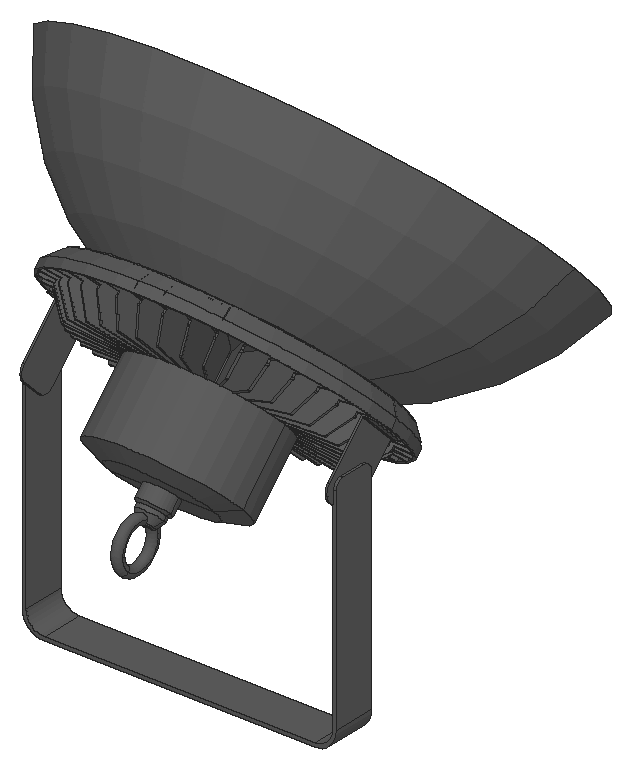
Revit family "0039344+0039353+0039357 Feilo Sylvania Lighting Fixture START HIGHBAY 4K 13KLM MEDIUM with BRACKET and ALU SHADE BLACK COLOR", category Lighting Fixtures, host Face, Revit 2017
Family settings
  Host = Face
  Round Connector Dimension = Use Diameter
  Part Type = Normal
  OmniClass Number = 23.80.70.00
  OmniClass Title = Lighting
  Cut with Voids When Loaded = No
  Light Source = No
  Shared = No
  Room Calculation Point = No
Parameters (values of type "0039344+0039353+0039357 START HIGHBAY 4K 13KLM MEDIUM with BRACKET and ALU SHADE BLACK COLOR")
  Weight = "3.0 kg"
  Wattage Comments = ""
  WarrantyStartDate [instance] = "n/a"
  WarrantyGuarantorParts = "n/a"
  WarrantyDurationUnit = "n/a"
  WarrantyDurationParts = "n/a"
  WarrantyDescription = "n/a"
  Voltage = 230 V
  URL = "http://www.sylvania-lighting.com"
  TypeName = "START HIGHBAY 4K 13KLM MEDIUM with BRACKET and ALU SHADE BLACK COLOR"
  TypeHead_FEILO = Start LED Highbay Head : 0039344+0039353+0039357 START HIGHBAY 4K 13KLM MEDIUM with BRACKET and ALU SHADE BLACK COLOR
  Type Image = <None>
  Type Comments = "n/a"
  TiltAngle_FEILO [instance] = 45.00°
  ThicknessBracketPlate_FEILO = 3 mm
  SizeBracketS_FEILO = yes
  SizeBracketM_FEILO = no
  SerialNumber [instance] = "n/a"
  RadiusBracketTop_FEILO = 7 mm
  RadiusBendOut_FEILO = if(SizeBracketS_FEILO, 18 mm, if(SizeBracketM_FEILO, 24 mm, 28 mm))  # 18 mm
  RadiusBendIn_FEILO = RadiusBendOut_FEILO - ThicknessBracketPlate_FEILO  # 15 mm
  Material_3_FEILO = none
  PowerFactor = 0.95
  PowerConsumption = "100 W"
  NominalLength = 270 mm
  NominalHeight = 170 mm
  NominalDepth = 270 mm
  Name = "START HIGHBAY 4K 13KLM MEDIUM with BRACKET and ALU SHADE BLACK COLOR"
  ModelReference = Name  # "START HIGHBAY 4K 13KLM MEDIUM with BRACKET and ALU SHADE BLACK COLOR"
  ModelNumber = "0039344+0039353+0039357"
  Model = Name  # "START HIGHBAY 4K 13KLM MEDIUM with BRACKET and ALU SHADE BLACK COLOR"
  Material = "aluminium alloy housing, polycarbonate diffuser"
  ManufacturerName = "Feilo Sylvania"
  Manufacturer = "Feilo Sylvania"
  LuminousEfficacy = "130 lm/W"
  LuminaireType = ""
  LightOutputRatio = "n/a"
  LampsType = Lamp  # "LED"
  LampNominalLuminous = "13000 lm"
  LampMacAdamStep = "n/a"
  LampColourTemperature = "4000 K"
  LampColourRenderingIndex = "80"
  Lamp = "LED"
  Keynote = "16500"
  InstallationDate [instance] = "n/a"
  InputVoltage = "220-240V~"
  InputNominalFrequency = "50/60 Hz"
  IngressProtection = "IP65"
  ImpactProtectionIndex = "IK08"
  IfcExportType = "IfcLightFixtureType"
  IfcExportAs = "IfcLightFixtureType"
  ExpectedLife = 50000
  EndAngle_FEILO [instance] = TiltAngle_FEILO + 180.00°  # 225.00°
  ElectricShockClassification = "Class I"
  DurationUnit = "hours"
  DocumentationLiterature = "http://www.sylvania-lighting.com/product/en-int/products/0039344"
  DimmingControlOptions = "n/a"
  Material_2_FEILO = none
  Description = "START HIGHBAY, includes 1 m cables, black aluminium housing, 13000LM, 100W, 130lm/W, 4000K, Driver current: 2140mA, CR80, 60° beam angle, 1-10V dimmable,  IP65, IK08, 50,000 hrs (L70B50), (LxWxH) 270x270x170mm"
  Default Elevation = 1219.2 mm
  CreatedOn = "2/28/2018"
  CreatedBy = ""
  Cost = 0
  built-in parameter 1114216 [instance] = (empty or 0)
  ClassificationValue = "EF_70_80"
  ClassificationName = "Uniclass2015"
  Material_1_FEILO = Body-Sylvania-StartHighbay-Black
  BracketHeight_FEILO = if(SizeBracketS_FEILO, 199.5 mm, if(SizeBracketM_FEILO, 209.6 mm, 201.3 mm))  # 199.5 mm
  BracketDistanceInner_FEILO = if(SizeBracketS_FEILO, 249.4 mm, if(SizeBracketM_FEILO, 273.6 mm, 313.2 mm))  # 249.4 mm
  BarCode [instance] = "n/a"
  AssetType = "Fixed"
  AssetIdentifier [instance] = "n/a"
  Assembly Code = "D5020200"
  Apparent Load = 100 VA
  Material_4_FEILO = none
Reference planes
  plane 1 "Center (Front/Back)": y = 0
  plane 2: z = 0
  plane 3 "Center (Left/Right)": x = 0
  plane 4: x = -127.7
  plane 5: x = 127.7
  plane 6: z = 199.5
  plane 7: x = -124.7
  plane 8: z = 3
  plane 9: x = 124.7
  plane 10: y = 17.5
  plane 11: y = -17.5
  plane 12: y = -19.5
  plane 13: z = 201.5
  plane 14: y = 19.5
  plane 15: z = 190.5
Forms (mm)
  Extrusion 1, solid, material "Body-Sylvania-StartHighbay-Black" <- "Material_1_FEILO"
    sketch origin (0, 0, 0) x (1, 0, 0) y (0, 0, 1)
      loop
        line (-127.7, 199.5) -> (-127.7, 18)
        arc (-127.7, 18) -> (-122.428, 5.272) -> (-109.7, 0) r 18
        line (-109.7, 0) -> (109.7, 0)
        arc (109.7, 0) -> (122.428, 5.272) -> (127.7, 18) r 18
        line (127.7, 18) -> (127.7, 199.5) -> (124.7, 199.5) -> (124.7, 18)
        arc (124.7, 18) -> (120.307, 7.393) -> (109.7, 3) r 15
        line (109.7, 3) -> (-109.7, 3)
        arc (-109.7, 3) -> (-120.307, 7.393) -> (-124.7, 18) r 15
        line (-124.7, 18) -> (-124.7, 199.5) -> (-127.7, 199.5)
    from -17.5 to 17.5
  Extrusion 2, void
    sketch origin (0, 0, 0) x (0, 1, 0) y (0, 0, 1)
      loop
        arc (10.5, 199.5) -> (15.45, 197.45) -> (17.5, 192.5) r 7
        line (17.5, 192.5) -> (19.5, 192.5) -> (19.5, 201.5) -> (-19.5, 201.5) -> (-19.5, 192.5) -> (-17.5, 192.5)
        arc (-17.5, 192.5) -> (-15.45, 197.45) -> (-10.5, 199.5) r 7
        line (-10.5, 199.5) -> (10.5, 199.5)
    from -127.7 to 127.7
  Revolve 3, solid, not visible
    sketch origin (1223.4, -4572, 190.5) x (0, -1, 0) y (1, 0, 0)
      loop
        line (-4572, -1223.4) -> (-4591.5, -1223.4) -> (-4591.5, -1277.783) -> (-4572, -1277.783) -> (-4572, -1223.4)
      axis (-4572, -1223.4) -> (-4572, -1277.783)
    angle from 45 <- "TiltAngle_FEILO" to 225 <- "EndAngle_FEILO"
Cuts and joins
  Extrusion 2 cuts Extrusion 1
Dimensions and locks
  "BracketHeight_FEILO": plane 6 to plane 2
  equal spacing: plane 11, plane 1 "Center (Front/Back)", plane 10
  locked: plane 11 to plane 10 at 35
  equal spacing: plane 9, plane 3 "Center (Left/Right)", plane 7
  "BracketDistanceInner_FEILO": plane 9 to plane 7
  "ThicknessBracketPlate_FEILO": plane 7 to plane 4
  "ThicknessBracketPlate_FEILO": plane 8 to plane 2
  equal spacing: plane 5, plane 3 "Center (Left/Right)", plane 4
  equal spacing: plane 12, plane 1 "Center (Front/Back)", plane 14
  locked: plane 6 to plane 13 at 2
  locked: plane 12 to plane 11 at 2
  locked: plane 6 to plane 15 at 9
  "RadiusBendOut_FEILO": radius of Extrusion 1 sketch curve  (x2)
  "RadiusBendIn_FEILO": radius of Extrusion 1 sketch curve  (x2)
  "RadiusBracketTop_FEILO": radius of Extrusion 2 sketch curve  (x2)
  aligned and locked: plane 2 to host face
  aligned and locked: level to host face
  aligned and locked: Extrusion 1 sketch curve to plane 4
  aligned and locked: Extrusion 1 sketch curve to level
  aligned and locked: plane 6 to Extrusion 1 sketch curve
  aligned and locked: Extrusion 1 sketch curve to plane 6
  aligned and locked: Extrusion 1 sketch curve to plane 7
  aligned and locked: plane 9 to Extrusion 1 sketch curve
  aligned and locked: plane 8 to Extrusion 1 sketch curve
  aligned and locked: Extrusion 1 to plane 10
  aligned and locked: plane 11 to Extrusion 1
  aligned and locked: Extrusion 1 to Extrusion 2 sketch curve
  aligned and locked: plane 14 to Extrusion 2 sketch curve  (x2)
  aligned and locked: Extrusion 2 sketch curve to plane 12
  aligned and locked: plane 13 to Extrusion 2 sketch curve
  aligned and locked: plane 5 to Extrusion 2
  aligned and locked: Extrusion 2 to plane 4
  aligned and locked: Revolve 3 sketch curve to plane 1 "Center (Front/Back)"
  aligned and locked: Revolve 3 sketch curve to Revolve 3 sketch curve
  aligned and locked: plane 3 "Center (Left/Right)" to Revolve 3 sketch curve
  aligned and locked: Revolve 3 sketch curve to plane 14
  aligned and locked: nested 1 to plane 3 "Center (Left/Right)"
Automatic sketch dimensions
  host sketch curve to host sketch curve = 2438.4 mm  (x2)
  Revolve 3 sketch curve to Revolve 3 sketch curve = 54.383 mm
  Revolve 3 sketch curve to plane 4 = 1396.3 mm
  plane 5 to Revolve 3 sketch curve = 1396.3 mm
  Extrusion 1 sketch curve to Extrusion 1 sketch curve = 0 mm
  Extrusion 2 sketch curve to plane 11 = 0 mm
  Extrusion 2 sketch curve to plane 10 = 0 mm
Nested families
  nested 1: "Start LED Highbay Head" at (0, 0, 190.5) x (-1, 0, 0) z (0, 0.7071, 0.7071), type <- "TypeHead_FEILO", type "0039344+0039353+0039357 START HIGHBAY 4K 13KLM MEDIUM with BRACKET and ALU SHADE BLACK COLOR"
    with built-in parameter 1114216 (empty or 0)
Connectors
  electrical at (0, 0, 0), driven by "Apparent Load", driven by "PowerFactor", driven by "Voltage"
    settings: index 1, voltage 230 V, apparent load 100 VA, apparent load phase1 0 VA, apparent load phase2 0 VA, apparent load phase3 0 VA, power factor 0.95, load classification "Lighting", number of poles 1, system type 30, power factor state 1, is connector primary yes, connector utility no, sub classification motor no, connector description ""
Definition of nested family "Start LED Highbay Head"
  Parameters (values of type "0039351+0039354+0039358 START HIGHBAY 6K 19KLM WIDE with BRACKET and PC LAMPSHADE TRANSPARENT ")
    X_FEILO = if(SizeS_FEILO, 60.3 mm, if(SizeM_FEILO, 70.4 mm, 83.5 mm))  # 70.4 mm
    WidthStraight_FEILO = if(SizeS_FEILO, 3 mm, if(SizeM_FEILO, 4 mm, 4.7 mm))  # 4 mm
    WidthRingChamfer_FEILO = if(SizeS_FEILO, 10.3 mm, if(SizeM_FEILO, 11.2 mm, 12.9 mm))  # 11.2 mm
    WidthCurved_FEILO = if(SizeS_FEILO, 17.4 mm, if(SizeM_FEILO, 16.4 mm, 26.2 mm))  # 16.4 mm
    WidthCurvedRing_FEILO = if(SizeS_FEILO, 3 mm, if(SizeM_FEILO, 4 mm, 4.7 mm))  # 4 mm
    WidthBracket_FEILO = 40 mm
    Wattage Comments = ""
    Wattage = 150 W
    built-in parameter 1150110 = 1 (stored number, unit not read)
    URL = "http://www.feilosylvania.com"
    Type Image = (empty or 0)
    Type Comments = "n/a"
    built-in parameter 1114217 = 1 (stored number, unit not read)
    Tilt Angle = -90.00°
    ThicknessWall_FEILO = 1.5 mm
    ThicknessBracket_FEILO = 1.5 mm
    ThicknessBracketHalf_FEILO = ThicknessBracket_FEILO / 2  # 0.75 mm
    built-in parameter 1150109 = 1 (stored number, unit not read)
    built-in parameter 1150134 = 1
    built-in parameter 1150113 = 1 (stored number, unit not read)
    SizeS_FEILO = no
    SizeM_FEILO = yes
    ShadeThickness_FEILO = 3 mm
    ShadeSizeSM_FEILO = or(SizeS_FEILO, SizeM_FEILO)  # yes
    ShadeRadiusOut_FEILO = 205 mm
    ShadeRadiusIn_FEILO = if(ShadeSizeSM_FEILO, 95 mm, 121 mm)  # 95 mm
    ShadeRadiusBend_FEILO = if(ShadeSizeSM_FEILO, 210 mm, 210 mm)  # 210 mm
    ShadeOn_FEILO = yes
    ShadeHeight_FEILO = if(ShadeSizeSM_FEILO, 120 mm, 151 mm)  # 120 mm
    Rib4_FEILO = if(SizeS_FEILO, 18.1 mm, if(SizeM_FEILO, 13.6 mm, 14.6 mm))  # 13.6 mm
    Rib3_FEILO = if(SizeS_FEILO, 15.3 mm, if(SizeM_FEILO, 17.6 mm, 20.2 mm))  # 17.6 mm
    Rib2_FEILO = if(SizeS_FEILO, 3.6 mm, if(SizeM_FEILO, 3.9 mm, 4.5 mm))  # 3.9 mm
    Rib1_FEILO = if(SizeS_FEILO, 15.1 mm, if(SizeM_FEILO, 16.5 mm, 19 mm))  # 16.5 mm
    RadiusDiffuser_FEILO = if(SizeS_FEILO, 95.2 mm, if(SizeM_FEILO, 105.3 mm, 120 mm))  # 105.3 mm
    RadiusArrayPost_FEILO = DriverRadius_FEILO - 6 mm  # 61.2 mm
    RHRadius3_FEILO = if(SizeS_FEILO, 6.6 mm, if(SizeM_FEILO, 7.4 mm, 8.6 mm))  # 7.4 mm
    RHRadius2_FEILO = if(SizeS_FEILO, 11 mm, if(SizeM_FEILO, 12 mm, 14 mm))  # 12 mm
    RHRadius1_FEILO = if(SizeS_FEILO, 13.6 mm, if(SizeM_FEILO, 14.9 mm, 17.7 mm))  # 14.9 mm
    RHHeight4_FEILO = if(SizeS_FEILO, 7.3 mm, if(SizeM_FEILO, 8 mm, 9.2 mm))  # 8 mm
    RHHeight3_FEILO = if(SizeS_FEILO, 3.6 mm, if(SizeM_FEILO, 3.7 mm, 4.6 mm))  # 3.7 mm
    RHHeight2_FEILO = if(SizeS_FEILO, 2 mm, if(SizeM_FEILO, 2.2 mm, 2.6 mm))  # 2.2 mm
    RHHeight1_FEILO = if(SizeS_FEILO, 11.8 mm, if(SizeM_FEILO, 15.3 mm, 17.4 mm))  # 15.3 mm
    Photometric Web File = "0039351+0039358.ies"
    Material_5_FEILO = none
    Material_3_FEILO = none
    Model = "START HIGHBAY 6K 19KLM WIDE with BRACKET and PC LAMPSHADE TRANSPARENT"
    Manufacturer = "Feilo Sylvania"
    built-in parameter 1150105 = 10854.2 (stored number, unit not read)
    Lumens = 19500 lm
    built-in parameter 1150115 = 1 (stored number, unit not read)
    built-in parameter 1150137 = (empty or 0)
    built-in parameter 1150139 = (empty or 0)
    built-in parameter 1150112 = 1 (stored number, unit not read)
    built-in parameter 1150114 = 1 (stored number, unit not read)
    Lamp = "LED"
    Keynote = "16500"
    built-in parameter 1150132 = (empty or 0)
    built-in parameter 1150102 = (empty or 0)
    built-in parameter 1150107 = 6500 (stored number, unit not read)
    built-in parameter 1150138 = (empty or 0)
    built-in parameter 1150106 = 108.54 (stored number, unit not read)
    HeightRing_FEILO = if(SizeS_FEILO, 19.8 mm, if(SizeM_FEILO, 32 mm, 36.8 mm))  # 32 mm
    HeightRingChamfer_FEILO = if(SizeS_FEILO, 11.7 mm, if(SizeM_FEILO, 23.2 mm, 26.6 mm))  # 23.2 mm
    EyeThickness_FEILO = if(SizeS_FEILO, 8.4 mm, if(SizeM_FEILO, 9.2 mm, 10.5 mm))  # 9.2 mm
    EyeThicknessHalf_FEILO = EyeThickness_FEILO / 2  # 4.6 mm
    EyeInner_FEILO = if(SizeS_FEILO, 13.8 mm, if(SizeM_FEILO, 15.1 mm, 17.3 mm))  # 15.1 mm
    Emit from Circle Diameter = RadiusDiffuser_FEILO * 2  # 210.6 mm
    Emit Shape Visible in Rendering = no
    built-in parameter 1150104 = 12.077 (stored number, unit not read)
    DriverVerticalStraight_FEILO = if(SizeS_FEILO, 46.5 mm, if(SizeM_FEILO, 49.7 mm, 57 mm))  # 49.7 mm
    DriverVerticalChamfer_FEILO = if(SizeS_FEILO, 7.5 mm, if(SizeM_FEILO, 8.2 mm, 9.5 mm))  # 8.2 mm
    DriverRadius_FEILO = if(SizeS_FEILO, 61.4 mm, if(SizeM_FEILO, 67.2 mm, 76.4 mm))  # 67.2 mm
    DriverRadiusTop_FEILO = if(SizeS_FEILO, 42 mm, if(SizeM_FEILO, 45.3 mm, 52.4 mm))  # 45.3 mm
    DriverBottom_FEILO = if(SizeS_FEILO, 56 mm, if(SizeM_FEILO, 64.5 mm, 74 mm))  # 64.5 mm
    Material_2_FEILO = none
    Radius_FEILO = if(SizeS_FEILO, 135 mm, if(SizeM_FEILO, 148 mm, 169.5 mm))  # 148 mm
    Dimming Lamp Color Temperature Shift = (empty or 0)
    DiameterWire_FEILO = 3 mm
    DiameterWireSupport_FEILO = 10 mm
    Description = "START HIGHBAY, includes 1 m cables, black aluminium housing, 19500LM, 150W, 130lm/W, 6500K, Driver current: 2140mA, CR80, 60° beam angle, 1-10V dimmable,  IP65, IK08, 50,000 hrs (L70B50), (LxWxH) 296x296x177mm"
    Default Elevation = 1219.2 mm
    Cost = 0
    Color Filter = 16777215
    built-in parameter 1114216 [instance] = (empty or 0)
    Material_1_FEILO = none
    built-in parameter 1114218 = 1 (stored number, unit not read)
    built-in parameter 1150133 = 10 (stored number, unit not read)
    Assembly Code = "D5020200"
    Apparent Load = 150 VA
    Material_4_FEILO = none
  Types (36, lengths in mm): name | X_FEILO | WidthStraight_FEILO | WidthRingChamfer_FEILO | WidthCurved_FEILO | WidthCurvedRing_FEILO | Wattage | built-in parameter 1150134 | SizeS_FEILO | SizeM_FEILO | ShadeSizeSM_FEILO | ShadeRadiusIn_FEILO | ShadeOn_FEILO | ShadeHeight_FEILO | Rib4_FEILO | Rib3_FEILO | Rib2_FEILO | Rib1_FEILO | RadiusDiffuser_FEILO | RadiusArrayPost_FEILO | RHRadius3_FEILO | RHRadius2_FEILO | RHRadius1_FEILO | RHHeight4_FEILO | RHHeight3_FEILO | RHHeight2_FEILO | RHHeight1_FEILO | Photometric Web File | Model | built-in parameter 1150105 | Lumens | built-in parameter 1150107 | built-in parameter 1150106 | HeightRing_FEILO | HeightRingChamfer_FEILO | EyeThickness_FEILO | EyeThicknessHalf_FEILO | EyeInner_FEILO | Emit from Circle Diameter | DriverVerticalStraight_FEILO | DriverVerticalChamfer_FEILO | DriverRadius_FEILO | DriverRadiusTop_FEILO | DriverBottom_FEILO | Radius_FEILO | Description | Apparent Load
    0039352+0039355+0039361 START HIGHBAY 6K 26KLM WIDE with BRACKET and PC LAMPSHADE TRANSPARENT | 83.5 | 4.7 | 12.9 | 26.2 | 4.7 | 200 W | 1 | no | no | no | 121 | yes | 151 | 14.6 | 20.2 | 4.5 | 19 | 120 | 70.4 | 8.6 | 14 | 17.7 | 9.2 | 4.6 | 2.6 | 17.4 | "0039352+0039361.ies" | "START HIGHBAY 6K 26KLM WIDE with BRACKET and PC LAMPSHADE TRANSPARENT" | 17911 (stored number, unit not read) | 26000 lm | 6500 (stored number, unit not read) | 179.11 (stored number, unit not read) | 36.8 | 26.6 | 10.5 | 5.25 | 17.3 | 240 | 57 | 9.5 | 76.4 | 52.4 | 74 | 169.5 | "START HIGHBAY, includes 1 m cables, black aluminium housing, 26000LM, 200W, 130lm/W, 6500K, Driver current: 5000mA, CR80, 60° beam angle, 1-10V dimmable,  IP65, IK08, 50,000 hrs (L70B50), (LxWxH) 339x339x194mm" | 200 VA
    0039352+0039355+0039360 START HIGHBAY 6K 26KLM WIDE with BRACKET and ALU SHADE BLACK COLOR | 83.5 | 4.7 | 12.9 | 26.2 | 4.7 | 200 W | 1 | no | no | no | 121 | yes | 151 | 14.6 | 20.2 | 4.5 | 19 | 120 | 70.4 | 8.6 | 14 | 17.7 | 9.2 | 4.6 | 2.6 | 17.4 | "0039352+0039360.ies" | "START HIGHBAY 6K 26KLM WIDE with BRACKET and ALU SHADE BLACK COLOR" | 14870 (stored number, unit not read) | 26000 lm | 6500 (stored number, unit not read) | 148.7 (stored number, unit not read) | 36.8 | 26.6 | 10.5 | 5.25 | 17.3 | 240 | 57 | 9.5 | 76.4 | 52.4 | 74 | 169.5 | "START HIGHBAY, includes 1 m cables, black aluminium housing, 26000LM, 200W, 130lm/W, 6500K, Driver current: 5000mA, CR80, 60° beam angle, 1-10V dimmable,  IP65, IK08, 50,000 hrs (L70B50), (LxWxH) 339x339x194mm" | 200 VA
    0039352+0039355+0039359 START HIGHBAY 6K 26KLM WIDE with BRACKET and ALU SHADE ALU COLOR | 83.5 | 4.7 | 12.9 | 26.2 | 4.7 | 200 W | 1 | no | no | no | 121 | yes | 151 | 14.6 | 20.2 | 4.5 | 19 | 120 | 70.4 | 8.6 | 14 | 17.7 | 9.2 | 4.6 | 2.6 | 17.4 | "0039352+0039359.ies" | "START HIGHBAY 6K 26KLM WIDE with BRACKET and ALU SHADE ALU COLOR" | 14870 (stored number, unit not read) | 26000 lm | 6500 (stored number, unit not read) | 148.7 (stored number, unit not read) | 36.8 | 26.6 | 10.5 | 5.25 | 17.3 | 240 | 57 | 9.5 | 76.4 | 52.4 | 74 | 169.5 | "START HIGHBAY, includes 1 m cables, black aluminium housing, 26000LM, 200W, 130lm/W, 6500K, Driver current: 5000mA, CR80, 60° beam angle, 1-10V dimmable,  IP65, IK08, 50,000 hrs (L70B50), (LxWxH) 339x339x194mm" | 200 VA
    0039352+0039355 START HIGHBAY 6K 26KLM WIDE with BRACKET | 83.5 | 4.7 | 12.9 | 26.2 | 4.7 | 200 W | 1 | no | no | no | 121 | no | 151 | 14.6 | 20.2 | 4.5 | 19 | 120 | 70.4 | 8.6 | 14 | 17.7 | 9.2 | 4.6 | 2.6 | 17.4 | "0039352.ies" | "START HIGHBAY 6K 26KLM WIDE with BRACKET" | 13836.2 (stored number, unit not read) | 26000 lm | 6500 (stored number, unit not read) | 138.36 (stored number, unit not read) | 36.8 | 26.6 | 10.5 | 5.25 | 17.3 | 240 | 57 | 9.5 | 76.4 | 52.4 | 74 | 169.5 | "START HIGHBAY, includes 1 m cables, black aluminium housing, 26000LM, 200W, 130lm/W, 6500K, Driver current: 5000mA, CR80, 60° beam angle, 1-10V dimmable,  IP65, IK08, 50,000 hrs (L70B50), (LxWxH) 339x339x194mm" | 200 VA
    0039351+0039354+0039358 START HIGHBAY 6K 19KLM WIDE with BRACKET and PC LAMPSHADE TRANSPARENT | 70.4 | 4 | 11.2 | 16.4 | 4 | 150 W | 1 | no | yes | yes | 95 | yes | 120 | 13.6 | 17.6 | 3.9 | 16.5 | 105.3 | 61.2 | 7.4 | 12 | 14.9 | 8 | 3.7 | 2.2 | 15.3 | "0039351+0039358.ies" | "START HIGHBAY 6K 19KLM WIDE with BRACKET and PC LAMPSHADE TRANSPARENT" | 10854.2 (stored number, unit not read) | 19500 lm | 6500 (stored number, unit not read) | 108.54 (stored number, unit not read) | 32 | 23.2 | 9.2 | 4.6 | 15.1 | 210.6 | 49.7 | 8.2 | 67.2 | 45.3 | 64.5 | 148 | "START HIGHBAY, includes 1 m cables, black aluminium housing, 19500LM, 150W, 130lm/W, 6500K, Driver current: 2140mA, CR80, 60° beam angle, 1-10V dimmable,  IP65, IK08, 50,000 hrs (L70B50), (LxWxH) 296x296x177mm" | 150 VA
    0039351+0039354+0039357 START HIGHBAY 6K 19KLM WIDE with BRACKET and ALU SHADE BLACK COLOR | 70.4 | 4 | 11.2 | 16.4 | 4 | 150 W | 1 | no | yes | yes | 95 | yes | 120 | 13.6 | 17.6 | 3.9 | 16.5 | 105.3 | 61.2 | 7.4 | 12 | 14.9 | 8 | 3.7 | 2.2 | 15.3 | "0039351+0039357.ies" | "START HIGHBAY 6K 19KLM WIDE with BRACKET and ALU SHADE BLACK COLOR" | 11152.5 (stored number, unit not read) | 19500 lm | 6500 (stored number, unit not read) | 111.52 (stored number, unit not read) | 32 | 23.2 | 9.2 | 4.6 | 15.1 | 210.6 | 49.7 | 8.2 | 67.2 | 45.3 | 64.5 | 148 | "START HIGHBAY, includes 1 m cables, black aluminium housing, 19500LM, 150W, 130lm/W, 6500K, Driver current: 2140mA, CR80, 60° beam angle, 1-10V dimmable,  IP65, IK08, 50,000 hrs (L70B50), (LxWxH) 296x296x177mm" | 150 VA
    0039351+0039354+0039356 START HIGHBAY 6K 19KLM WIDE with BRACKET and ALU SHADE ALU COLOR | 70.4 | 4 | 11.2 | 16.4 | 4 | 150 W | 1 | no | yes | yes | 95 | yes | 120 | 13.6 | 17.6 | 3.9 | 16.5 | 105.3 | 61.2 | 7.4 | 12 | 14.9 | 8 | 3.7 | 2.2 | 15.3 | "0039351+0039356.ies" | "START HIGHBAY 6K 19KLM WIDE with BRACKET and ALU SHADE ALU COLOR" | 11152.5 (stored number, unit not read) | 19500 lm | 6500 (stored number, unit not read) | 111.52 (stored number, unit not read) | 32 | 23.2 | 9.2 | 4.6 | 15.1 | 210.6 | 49.7 | 8.2 | 67.2 | 45.3 | 64.5 | 148 | "START HIGHBAY, includes 1 m cables, black aluminium housing, 19500LM, 150W, 130lm/W, 6500K, Driver current: 2140mA, CR80, 60° beam angle, 1-10V dimmable,  IP65, IK08, 50,000 hrs (L70B50), (LxWxH) 296x296x177mm" | 150 VA
    0039351+0039354 START HIGHBAY 6K 19KLM WIDE with BRACKET | 70.4 | 4 | 11.2 | 16.4 | 4 | 150 W | 1 | no | yes | yes | 95 | no | 120 | 13.6 | 17.6 | 3.9 | 16.5 | 105.3 | 61.2 | 7.4 | 12 | 14.9 | 8 | 3.7 | 2.2 | 15.3 | "0039351.ies" | "START HIGHBAY 6K 19KLM WIDE with BRACKET" | 10377.1 (stored number, unit not read) | 19500 lm | 6500 (stored number, unit not read) | 103.77 (stored number, unit not read) | 32 | 23.2 | 9.2 | 4.6 | 15.1 | 210.6 | 49.7 | 8.2 | 67.2 | 45.3 | 64.5 | 148 | "START HIGHBAY, includes 1 m cables, black aluminium housing, 19500LM, 150W, 130lm/W, 6500K, Driver current: 2140mA, CR80, 60° beam angle, 1-10V dimmable,  IP65, IK08, 50,000 hrs (L70B50), (LxWxH) 296x296x177mm" | 150 VA
    0039350+0039353+0039358 START HIGHBAY 6K 13KLM WIDE with BRACKET and PC LAMPSHADE TRANSPARENT | 60.3 | 3 | 10.3 | 17.4 | 3 | 100 W | 1 | yes | no | yes | 95 | yes | 120 | 18.1 | 15.3 | 3.6 | 15.1 | 95.2 | 55.4 | 6.6 | 11 | 13.6 | 7.3 | 3.6 | 2 | 11.8 | "0039350+0039358.ies" | "START HIGHBAY 6K 13KLM WIDE with BRACKET and PC LAMPSHADE TRANSPARENT" | 7236.1 (stored number, unit not read) | 13000 lm | 6500 (stored number, unit not read) | 72.361 (stored number, unit not read) | 19.8 | 11.7 | 8.4 | 4.2 | 13.8 | 190.4 | 46.5 | 7.5 | 61.4 | 42 | 56 | 135 | "START HIGHBAY, includes 1 m cables, black aluminium housing, 13000LM, 100W, 130lm/W, 6500K, Driver current: 2140mA, CR80, 60° beam angle, 1-10V dimmable,  IP65, IK08, 50,000 hrs (L70B50), (LxWxH) 270x270x170mm" | 100 VA
    0039350+0039353+0039357 START HIGHBAY 6K 13KLM WIDE with BRACKET and ALU SHADE BLACK COLOR | 60.3 | 3 | 10.3 | 17.4 | 3 | 100 W | 1 | yes | no | yes | 95 | yes | 120 | 18.1 | 15.3 | 3.6 | 15.1 | 95.2 | 55.4 | 6.6 | 11 | 13.6 | 7.3 | 3.6 | 2 | 11.8 | "0039350+0039357.ies" | "START HIGHBAY 6K 13KLM WIDE with BRACKET and ALU SHADE BLACK COLOR" | 7435 (stored number, unit not read) | 13000 lm | 6500 (stored number, unit not read) | 74.35 (stored number, unit not read) | 19.8 | 11.7 | 8.4 | 4.2 | 13.8 | 190.4 | 46.5 | 7.5 | 61.4 | 42 | 56 | 135 | "START HIGHBAY, includes 1 m cables, black aluminium housing, 13000LM, 100W, 130lm/W, 6500K, Driver current: 2140mA, CR80, 60° beam angle, 1-10V dimmable,  IP65, IK08, 50,000 hrs (L70B50), (LxWxH) 270x270x170mm" | 100 VA
    0039350+0039353+0039356 START HIGHBAY 6K 13KLM WIDE with BRACKET and ALU SHADE ALU COLOR | 60.3 | 3 | 10.3 | 17.4 | 3 | 100 W | 1 | yes | no | yes | 95 | yes | 120 | 18.1 | 15.3 | 3.6 | 15.1 | 95.2 | 55.4 | 6.6 | 11 | 13.6 | 7.3 | 3.6 | 2 | 11.8 | "0039350+0039356.ies" | "START HIGHBAY 6K 13KLM WIDE with BRACKET and ALU SHADE ALU COLOR" | 7435 (stored number, unit not read) | 13000 lm | 6500 (stored number, unit not read) | 74.35 (stored number, unit not read) | 19.8 | 11.7 | 8.4 | 4.2 | 13.8 | 190.4 | 46.5 | 7.5 | 61.4 | 42 | 56 | 135 | "START HIGHBAY, includes 1 m cables, black aluminium housing, 13000LM, 100W, 130lm/W, 6500K, Driver current: 2140mA, CR80, 60° beam angle, 1-10V dimmable,  IP65, IK08, 50,000 hrs (L70B50), (LxWxH) 270x270x170mm" | 100 VA
    0039350+0039353 START HIGHBAY 6K 13KLM WIDE with BRACKET | 60.3 | 3 | 10.3 | 17.4 | 3 | 100 W | 1 | yes | no | yes | 95 | no | 120 | 18.1 | 15.3 | 3.6 | 15.1 | 95.2 | 55.4 | 6.6 | 11 | 13.6 | 7.3 | 3.6 | 2 | 11.8 | "0039350.ies" | "START HIGHBAY 6K 13KLM WIDE with BRACKET" | 6918.1 (stored number, unit not read) | 13000 lm | 6500 (stored number, unit not read) | 69.181 (stored number, unit not read) | 19.8 | 11.7 | 8.4 | 4.2 | 13.8 | 190.4 | 46.5 | 7.5 | 61.4 | 42 | 56 | 135 | "START HIGHBAY, includes 1 m cables, black aluminium housing, 13000LM, 100W, 130lm/W, 6500K, Driver current: 2140mA, CR80, 60° beam angle, 1-10V dimmable,  IP65, IK08, 50,000 hrs (L70B50), (LxWxH) 270x270x170mm" | 100 VA
    0039349+0039355+0039361 START HIGHBAY 4K 26KLM WIDE with BRACKET and PC LAMPSHADE TRANSPARENT FOR | 83.5 | 4.7 | 12.9 | 26.2 | 4.7 | 200 W | 12 | no | no | no | 121 | yes | 151 | 14.6 | 20.2 | 4.5 | 19 | 120 | 70.4 | 8.6 | 14 | 17.7 | 9.2 | 4.6 | 2.6 | 17.4 | "0039349+0039361.ies" | "START HIGHBAY 4K 26KLM WIDE with BRACKET and PC LAMPSHADE TRANSPARENT FOR" | 17911 (stored number, unit not read) | 26000 lm | 4000 (stored number, unit not read) | 179.11 (stored number, unit not read) | 36.8 | 26.6 | 10.5 | 5.25 | 17.3 | 240 | 57 | 9.5 | 76.4 | 52.4 | 74 | 169.5 | "START HIGHBAY, includes 1 m cables, black aluminium housing, 26000LM, 200W, 130lm/W, 4000K, Driver current: 5000mA, CR80, 90° beam angle, 1-10V dimmable,  IP65, IK08, 50,000 hrs (L70B50), (LxWxH) 339x339x194mm" | 200 VA
    0039349+0039355+0039360 START HIGHBAY 4K 26KLM WIDE with BRACKET and ALU SHADE BLACK COLOR | 83.5 | 4.7 | 12.9 | 26.2 | 4.7 | 200 W | 12 | no | no | no | 121 | yes | 151 | 14.6 | 20.2 | 4.5 | 19 | 120 | 70.4 | 8.6 | 14 | 17.7 | 9.2 | 4.6 | 2.6 | 17.4 | "0039349+0039360.ies" | "START HIGHBAY 4K 26KLM WIDE with BRACKET and ALU SHADE BLACK COLOR" | 14870 (stored number, unit not read) | 26000 lm | 4000 (stored number, unit not read) | 148.7 (stored number, unit not read) | 36.8 | 26.6 | 10.5 | 5.25 | 17.3 | 240 | 57 | 9.5 | 76.4 | 52.4 | 74 | 169.5 | "START HIGHBAY, includes 1 m cables, black aluminium housing, 26000LM, 200W, 130lm/W, 4000K, Driver current: 5000mA, CR80, 90° beam angle, 1-10V dimmable,  IP65, IK08, 50,000 hrs (L70B50), (LxWxH) 339x339x194mm" | 200 VA
    0039349+0039355+0039359 START HIGHBAY 4K 26KLM WIDE with BRACKET and ALU SHADE ALU COLOR | 83.5 | 4.7 | 12.9 | 26.2 | 4.7 | 200 W | 12 | no | no | no | 121 | yes | 151 | 14.6 | 20.2 | 4.5 | 19 | 120 | 70.4 | 8.6 | 14 | 17.7 | 9.2 | 4.6 | 2.6 | 17.4 | "0039349+0039359.ies" | "START HIGHBAY 4K 26KLM WIDE with BRACKET and ALU SHADE ALU COLOR" | 14870 (stored number, unit not read) | 26000 lm | 4000 (stored number, unit not read) | 148.7 (stored number, unit not read) | 36.8 | 26.6 | 10.5 | 5.25 | 17.3 | 240 | 57 | 9.5 | 76.4 | 52.4 | 74 | 169.5 | "START HIGHBAY, includes 1 m cables, black aluminium housing, 26000LM, 200W, 130lm/W, 4000K, Driver current: 5000mA, CR80, 90° beam angle, 1-10V dimmable,  IP65, IK08, 50,000 hrs (L70B50), (LxWxH) 339x339x194mm" | 200 VA
    0039349+0039355 START HIGHBAY 4K 26KLM WIDE with BRACKET | 83.5 | 4.7 | 12.9 | 26.2 | 4.7 | 200 W | 12 | no | no | no | 121 | no | 151 | 14.6 | 20.2 | 4.5 | 19 | 120 | 70.4 | 8.6 | 14 | 17.7 | 9.2 | 4.6 | 2.6 | 17.4 | "0039349.ies" | "START HIGHBAY 4K 26KLM WIDE with BRACKET" | 13836.2 (stored number, unit not read) | 26000 lm | 4000 (stored number, unit not read) | 138.36 (stored number, unit not read) | 36.8 | 26.6 | 10.5 | 5.25 | 17.3 | 240 | 57 | 9.5 | 76.4 | 52.4 | 74 | 169.5 | "START HIGHBAY, includes 1 m cables, black aluminium housing, 26000LM, 200W, 130lm/W, 4000K, Driver current: 5000mA, CR80, 90° beam angle, 1-10V dimmable,  IP65, IK08, 50,000 hrs (L70B50), (LxWxH) 339x339x194mm" | 200 VA
    0039348+0039354+0039358 START HIGHBAY 4K 19KLM WIDE with BRACKET and PC LAMPSHADE TRANSPARENT | 70.4 | 4 | 11.2 | 16.4 | 4 | 150 W | 12 | no | yes | yes | 95 | yes | 120 | 13.6 | 17.6 | 3.9 | 16.5 | 105.3 | 61.2 | 7.4 | 12 | 14.9 | 8 | 3.7 | 2.2 | 15.3 | "0039348+0039358.ies" | "START HIGHBAY 4K 19KLM WIDE with BRACKET and PC LAMPSHADE TRANSPARENT" | 10854.2 (stored number, unit not read) | 19500 lm | 4000 (stored number, unit not read) | 108.54 (stored number, unit not read) | 32 | 23.2 | 9.2 | 4.6 | 15.1 | 210.6 | 49.7 | 8.2 | 67.2 | 45.3 | 64.5 | 148 | "START HIGHBAY, includes 1 m cables, black aluminium housing, 19500LM, 150W, 130lm/W, 4000K, Driver current: 3210mA, CR80, 90° beam angle, 1-10V dimmable,  IP65, IK08, 50,000 hrs (L70B50), (LxWxH) 296x296x177mm" | 150 VA
    0039348+0039354+0039357 START HIGHBAY 4K 19KLM WIDE with BRACKET and ALU SHADE BLACK COLOR | 70.4 | 4 | 11.2 | 16.4 | 4 | 150 W | 12 | no | yes | yes | 95 | yes | 120 | 13.6 | 17.6 | 3.9 | 16.5 | 105.3 | 61.2 | 7.4 | 12 | 14.9 | 8 | 3.7 | 2.2 | 15.3 | "0039348+0039357.ies" | "START HIGHBAY 4K 19KLM WIDE with BRACKET and ALU SHADE BLACK COLOR" | 11152.5 (stored number, unit not read) | 19500 lm | 4000 (stored number, unit not read) | 111.52 (stored number, unit not read) | 32 | 23.2 | 9.2 | 4.6 | 15.1 | 210.6 | 49.7 | 8.2 | 67.2 | 45.3 | 64.5 | 148 | "START HIGHBAY, includes 1 m cables, black aluminium housing, 19500LM, 150W, 130lm/W, 4000K, Driver current: 3210mA, CR80, 90° beam angle, 1-10V dimmable,  IP65, IK08, 50,000 hrs (L70B50), (LxWxH) 296x296x177mm" | 150 VA
    0039348+0039354+0039356 START HIGHBAY 4K 19KLM WIDE with BRACKET and ALU SHADE ALU COLOR | 70.4 | 4 | 11.2 | 16.4 | 4 | 150 W | 12 | no | yes | yes | 95 | yes | 120 | 13.6 | 17.6 | 3.9 | 16.5 | 105.3 | 61.2 | 7.4 | 12 | 14.9 | 8 | 3.7 | 2.2 | 15.3 | "0039348+0039356.ies" | "START HIGHBAY 4K 19KLM WIDE with BRACKET and ALU SHADE ALU COLOR" | 11152.5 (stored number, unit not read) | 19500 lm | 4000 (stored number, unit not read) | 111.52 (stored number, unit not read) | 32 | 23.2 | 9.2 | 4.6 | 15.1 | 210.6 | 49.7 | 8.2 | 67.2 | 45.3 | 64.5 | 148 | "START HIGHBAY, includes 1 m cables, black aluminium housing, 19500LM, 150W, 130lm/W, 4000K, Driver current: 3210mA, CR80, 90° beam angle, 1-10V dimmable,  IP65, IK08, 50,000 hrs (L70B50), (LxWxH) 296x296x177mm" | 150 VA
    0039348+0039354 START HIGHBAY 4K 19KLM WIDE with BRACKET | 70.4 | 4 | 11.2 | 16.4 | 4 | 150 W | 12 | no | yes | yes | 95 | no | 120 | 13.6 | 17.6 | 3.9 | 16.5 | 105.3 | 61.2 | 7.4 | 12 | 14.9 | 8 | 3.7 | 2.2 | 15.3 | "0039348.ies" | "START HIGHBAY 4K 19KLM WIDE with BRACKET" | 10377.1 (stored number, unit not read) | 19500 lm | 4000 (stored number, unit not read) | 103.77 (stored number, unit not read) | 32 | 23.2 | 9.2 | 4.6 | 15.1 | 210.6 | 49.7 | 8.2 | 67.2 | 45.3 | 64.5 | 148 | "START HIGHBAY, includes 1 m cables, black aluminium housing, 19500LM, 150W, 130lm/W, 4000K, Driver current: 3210mA, CR80, 90° beam angle, 1-10V dimmable,  IP65, IK08, 50,000 hrs (L70B50), (LxWxH) 296x296x177mm" | 150 VA
    0039347+0039353+0039358 START HIGHBAY 4K 13KLM WIDE with BRACKET and PC LAMPSHADE TRANSPARENT | 60.3 | 3 | 10.3 | 17.4 | 3 | 100 W | 12 | yes | no | yes | 95 | yes | 120 | 18.1 | 15.3 | 3.6 | 15.1 | 95.2 | 55.4 | 6.6 | 11 | 13.6 | 7.3 | 3.6 | 2 | 11.8 | "0039347+0039358.ies" | "START HIGHBAY 4K 13KLM WIDE with BRACKET and PC LAMPSHADE TRANSPARENT" | 7236.1 (stored number, unit not read) | 13000 lm | 4000 (stored number, unit not read) | 72.361 (stored number, unit not read) | 19.8 | 11.7 | 8.4 | 4.2 | 13.8 | 190.4 | 46.5 | 7.5 | 61.4 | 42 | 56 | 135 | "START HIGHBAY, includes 1 m cables, black aluminium housing, 13000LM, 100W, 130lm/W, 4000K, Driver current: 2140mA, CR80, 90° beam angle, 1-10V dimmable,  IP65, IK08, 50,000 hrs (L70B50), (LxWxH) 270x270x170mm" | 100 VA
    0039347+0039353+0039357 START HIGHBAY 4K 13KLM WIDE with BRACKET and ALU SHADE BLACK COLOR | 60.3 | 3 | 10.3 | 17.4 | 3 | 100 W | 12 | yes | no | yes | 95 | yes | 120 | 18.1 | 15.3 | 3.6 | 15.1 | 95.2 | 55.4 | 6.6 | 11 | 13.6 | 7.3 | 3.6 | 2 | 11.8 | "0039347+0039357.ies" | "START HIGHBAY 4K 13KLM WIDE with BRACKET and ALU SHADE BLACK COLOR" | 7435 (stored number, unit not read) | 13000 lm | 4000 (stored number, unit not read) | 74.35 (stored number, unit not read) | 19.8 | 11.7 | 8.4 | 4.2 | 13.8 | 190.4 | 46.5 | 7.5 | 61.4 | 42 | 56 | 135 | "START HIGHBAY, includes 1 m cables, black aluminium housing, 13000LM, 100W, 130lm/W, 4000K, Driver current: 2140mA, CR80, 90° beam angle, 1-10V dimmable,  IP65, IK08, 50,000 hrs (L70B50), (LxWxH) 270x270x170mm" | 100 VA
    0039347+0039353+0039356 START HIGHBAY 4K 13KLM WIDE with BRACKET and ALU SHADE ALU COLOR | 60.3 | 3 | 10.3 | 17.4 | 3 | 100 W | 12 | yes | no | yes | 95 | yes | 120 | 18.1 | 15.3 | 3.6 | 15.1 | 95.2 | 55.4 | 6.6 | 11 | 13.6 | 7.3 | 3.6 | 2 | 11.8 | "0039347+0039356.ies" | "START HIGHBAY 4K 13KLM WIDE with BRACKET and ALU SHADE ALU COLOR" | 7435 (stored number, unit not read) | 13000 lm | 4000 (stored number, unit not read) | 74.35 (stored number, unit not read) | 19.8 | 11.7 | 8.4 | 4.2 | 13.8 | 190.4 | 46.5 | 7.5 | 61.4 | 42 | 56 | 135 | "START HIGHBAY, includes 1 m cables, black aluminium housing, 13000LM, 100W, 130lm/W, 4000K, Driver current: 2140mA, CR80, 90° beam angle, 1-10V dimmable,  IP65, IK08, 50,000 hrs (L70B50), (LxWxH) 270x270x170mm" | 100 VA
    0039347+0039353 START HIGHBAY 4K 13KLM WIDE with BRACKET | 60.3 | 3 | 10.3 | 17.4 | 3 | 100 W | 12 | yes | no | yes | 95 | no | 120 | 18.1 | 15.3 | 3.6 | 15.1 | 95.2 | 55.4 | 6.6 | 11 | 13.6 | 7.3 | 3.6 | 2 | 11.8 | "0039347.ies" | "START HIGHBAY 4K 13KLM WIDE with BRACKET" | 6918.1 (stored number, unit not read) | 13000 lm | 4000 (stored number, unit not read) | 69.181 (stored number, unit not read) | 19.8 | 11.7 | 8.4 | 4.2 | 13.8 | 190.4 | 46.5 | 7.5 | 61.4 | 42 | 56 | 135 | "START HIGHBAY, includes 1 m cables, black aluminium housing, 13000LM, 100W, 130lm/W, 4000K, Driver current: 2140mA, CR80, 90° beam angle, 1-10V dimmable,  IP65, IK08, 50,000 hrs (L70B50), (LxWxH) 270x270x170mm" | 100 VA
    0039346+0039355+0039361 START HIGHBAY 4K 26KLM MEDIUM with BRACKET and PC LAMPSHADE TRANSPARENT | 83.5 | 4.7 | 12.9 | 26.2 | 4.7 | 200 W | 12 | no | no | no | 121 | yes | 151 | 14.6 | 20.2 | 4.5 | 19 | 120 | 70.4 | 8.6 | 14 | 17.7 | 9.2 | 4.6 | 2.6 | 17.4 | "0039346+0039361.ies" | "START HIGHBAY 4K 26KLM MEDIUM with BRACKET and PC LAMPSHADE TRANSPARENT" | 35142.4 (stored number, unit not read) | 26000 lm | 4000 (stored number, unit not read) | 351.42 (stored number, unit not read) | 36.8 | 26.6 | 10.5 | 5.25 | 17.3 | 240 | 57 | 9.5 | 76.4 | 52.4 | 74 | 169.5 | "START HIGHBAY, includes 1 m cables, black aluminium housing, 26000LM, 200W, 130lm/W, 4000K, Driver current: 5000mA, CR80, 60° beam angle, 1-10V dimmable,  IP65, IK08, 50,000 hrs (L70B50), (LxWxH) 339x339x194mm" | 200 VA
    0039346+0039355+0039360 START HIGHBAY 4K 26KLM MEDIUM with BRACKET and ALU SHADE BLACK COLOR | 83.5 | 4.7 | 12.9 | 26.2 | 4.7 | 200 W | 12 | no | no | no | 121 | yes | 151 | 14.6 | 20.2 | 4.5 | 19 | 120 | 70.4 | 8.6 | 14 | 17.7 | 9.2 | 4.6 | 2.6 | 17.4 | "0039346+0039360.ies" | "START HIGHBAY 4K 26KLM MEDIUM with BRACKET and ALU SHADE BLACK COLOR" | 35336 (stored number, unit not read) | 26000 lm | 4000 (stored number, unit not read) | 353.36 (stored number, unit not read) | 36.8 | 26.6 | 10.5 | 5.25 | 17.3 | 240 | 57 | 9.5 | 76.4 | 52.4 | 74 | 169.5 | "START HIGHBAY, includes 1 m cables, black aluminium housing, 26000LM, 200W, 130lm/W, 4000K, Driver current: 5000mA, CR80, 60° beam angle, 1-10V dimmable,  IP65, IK08, 50,000 hrs (L70B50), (LxWxH) 339x339x194mm" | 200 VA
    0039346+0039355+0039359 START HIGHBAY 4K 26KLM MEDIUM with BRACKET and ALU SHADE ALU COLOR | 83.5 | 4.7 | 12.9 | 26.2 | 4.7 | 200 W | 12 | no | no | no | 121 | yes | 151 | 14.6 | 20.2 | 4.5 | 19 | 120 | 70.4 | 8.6 | 14 | 17.7 | 9.2 | 4.6 | 2.6 | 17.4 | "0039346+0039359.ies" | "START HIGHBAY 4K 26KLM MEDIUM with BRACKET and ALU SHADE ALU COLOR" | 35336 (stored number, unit not read) | 26000 lm | 4000 (stored number, unit not read) | 353.36 (stored number, unit not read) | 36.8 | 26.6 | 10.5 | 5.25 | 17.3 | 240 | 57 | 9.5 | 76.4 | 52.4 | 74 | 169.5 | "START HIGHBAY, includes 1 m cables, black aluminium housing, 26000LM, 200W, 130lm/W, 4000K, Driver current: 5000mA, CR80, 60° beam angle, 1-10V dimmable,  IP65, IK08, 50,000 hrs (L70B50), (LxWxH) 339x339x194mm" | 200 VA
    0039346+0039355 START HIGHBAY 4K 26KLM MEDIUM with BRACKET | 83.5 | 4.7 | 12.9 | 26.2 | 4.7 | 200 W | 12 | no | no | no | 121 | no | 151 | 14.6 | 20.2 | 4.5 | 19 | 120 | 70.4 | 8.6 | 14 | 17.7 | 9.2 | 4.6 | 2.6 | 17.4 | "0039346.ies" | "START HIGHBAY 4K 26KLM MEDIUM with BRACKET" | 32161 (stored number, unit not read) | 26000 lm | 4000 (stored number, unit not read) | 321.61 (stored number, unit not read) | 36.8 | 26.6 | 10.5 | 5.25 | 17.3 | 240 | 57 | 9.5 | 76.4 | 52.4 | 74 | 169.5 | "START HIGHBAY, includes 1 m cables, black aluminium housing, 26000LM, 200W, 130lm/W, 4000K, Driver current: 5000mA, CR80, 60° beam angle, 1-10V dimmable,  IP65, IK08, 50,000 hrs (L70B50), (LxWxH) 339x339x194mm" | 200 VA
    0039345+0039354+0039358 START HIGHBAY 4K 19KLM MEDIUM with BRACKET and PC LAMPSHADE TRANSPARENT | 70.4 | 4 | 11.2 | 16.4 | 4 | 150 W | 12 | no | yes | yes | 95 | yes | 120 | 13.6 | 17.6 | 3.9 | 16.5 | 105.3 | 61.2 | 7.4 | 12 | 14.9 | 8 | 3.7 | 2.2 | 15.3 | "0039345+0039358.ies" | "START HIGHBAY 4K 19KLM MEDIUM with BRACKET and PC LAMPSHADE TRANSPARENT" | 24535.9 (stored number, unit not read) | 19500 lm | 4000 (stored number, unit not read) | 245.36 (stored number, unit not read) | 32 | 23.2 | 9.2 | 4.6 | 15.1 | 210.6 | 49.7 | 8.2 | 67.2 | 45.3 | 64.5 | 148 | "START HIGHBAY, includes 1 m cables, black aluminium housing, 19500LM, 150W, 130lm/W, 4000K, Driver current: 3210mA, CR80, 60° beam angle, 1-10V dimmable,  IP65, IK08, 50,000 hrs (L70B50), (LxWxH) 296x296x177mm" | 150 VA
    0039345+0039354+0039357 START HIGHBAY 4K 19KLM MEDIUM with BRACKET and ALU SHADE BLACK COLOR | 70.4 | 4 | 11.2 | 16.4 | 4 | 150 W | 12 | no | yes | yes | 95 | yes | 120 | 13.6 | 17.6 | 3.9 | 16.5 | 105.3 | 61.2 | 7.4 | 12 | 14.9 | 8 | 3.7 | 2.2 | 15.3 | "0039345+0039357.ies" | "START HIGHBAY 4K 19KLM MEDIUM with BRACKET and ALU SHADE BLACK COLOR" | 26502 (stored number, unit not read) | 19500 lm | 4000 (stored number, unit not read) | 265.02 (stored number, unit not read) | 32 | 23.2 | 9.2 | 4.6 | 15.1 | 210.6 | 49.7 | 8.2 | 67.2 | 45.3 | 64.5 | 148 | "START HIGHBAY, includes 1 m cables, black aluminium housing, 19500LM, 150W, 130lm/W, 4000K, Driver current: 3210mA, CR80, 60° beam angle, 1-10V dimmable,  IP65, IK08, 50,000 hrs (L70B50), (LxWxH) 296x296x177mm" | 150 VA
    0039345+0039354+0039356 START HIGHBAY 4K 19KLM MEDIUM with BRACKET and ALU SHADE ALU COLOR | 70.4 | 4 | 11.2 | 16.4 | 4 | 150 W | 12 | no | yes | yes | 95 | yes | 120 | 13.6 | 17.6 | 3.9 | 16.5 | 105.3 | 61.2 | 7.4 | 12 | 14.9 | 8 | 3.7 | 2.2 | 15.3 | "0039345+0039356.ies" | "START HIGHBAY 4K 19KLM MEDIUM with BRACKET and ALU SHADE ALU COLOR" | 26502 (stored number, unit not read) | 19500 lm | 4000 (stored number, unit not read) | 265.02 (stored number, unit not read) | 32 | 23.2 | 9.2 | 4.6 | 15.1 | 210.6 | 49.7 | 8.2 | 67.2 | 45.3 | 64.5 | 148 | "START HIGHBAY, includes 1 m cables, black aluminium housing, 19500LM, 150W, 130lm/W, 4000K, Driver current: 3210mA, CR80, 60° beam angle, 1-10V dimmable,  IP65, IK08, 50,000 hrs (L70B50), (LxWxH) 296x296x177mm" | 150 VA
    0039345+0039354 START HIGHBAY 4K 19KLM MEDIUM with BRACKET | 70.4 | 4 | 11.2 | 16.4 | 4 | 150 W | 12 | no | yes | yes | 95 | no | 120 | 13.6 | 17.6 | 3.9 | 16.5 | 105.3 | 61.2 | 7.4 | 12 | 14.9 | 8 | 3.7 | 2.2 | 15.3 | "0039345.ies" | "START HIGHBAY 4K 19KLM MEDIUM with BRACKET" | 24120.8 (stored number, unit not read) | 19500 lm | 4000 (stored number, unit not read) | 241.21 (stored number, unit not read) | 32 | 23.2 | 9.2 | 4.6 | 15.1 | 210.6 | 49.7 | 8.2 | 67.2 | 45.3 | 64.5 | 148 | "START HIGHBAY, includes 1 m cables, black aluminium housing, 19500LM, 150W, 130lm/W, 4000K, Driver current: 3210mA, CR80, 60° beam angle, 1-10V dimmable,  IP65, IK08, 50,000 hrs (L70B50), (LxWxH) 296x296x177mm" | 150 VA
    0039344+0039353+0039358 START HIGHBAY 4K 13KLM MEDIUM with BRACKET and PC LAMPSHADE TRANSPARENT | 60.3 | 3 | 10.3 | 17.4 | 3 | 100 W | 12 | yes | no | yes | 95 | yes | 120 | 18.1 | 15.3 | 3.6 | 15.1 | 95.2 | 55.4 | 6.6 | 11 | 13.6 | 7.3 | 3.6 | 2 | 11.8 | "0039344+0039358.ies" | "START HIGHBAY 4K 13KLM MEDIUM with BRACKET and PC LAMPSHADE TRANSPARENT" | 17571.2 (stored number, unit not read) | 13000 lm | 4000 (stored number, unit not read) | 175.71 (stored number, unit not read) | 19.8 | 11.7 | 8.4 | 4.2 | 13.8 | 190.4 | 46.5 | 7.5 | 61.4 | 42 | 56 | 135 | "START HIGHBAY, includes 1 m cables, black aluminium housing, 13000LM, 100W, 130lm/W, 4000K, Driver current: 2140mA, CR80, 60° beam angle, 1-10V dimmable,  IP65, IK08, 50,000 hrs (L70B50), (LxWxH) 270x270x170mm" | 100 VA
    0039344+0039353+0039357 START HIGHBAY 4K 13KLM MEDIUM with BRACKET and ALU SHADE BLACK COLOR | 60.3 | 3 | 10.3 | 17.4 | 3 | 100 W | 12 | yes | no | yes | 95 | yes | 120 | 18.1 | 15.3 | 3.6 | 15.1 | 95.2 | 55.4 | 6.6 | 11 | 13.6 | 7.3 | 3.6 | 2 | 11.8 | "0039344+0039357.ies" | "START HIGHBAY 4K 13KLM MEDIUM with BRACKET and ALU SHADE BLACK COLOR" | 17668 (stored number, unit not read) | 13000 lm | 4000 (stored number, unit not read) | 176.68 (stored number, unit not read) | 19.8 | 11.7 | 8.4 | 4.2 | 13.8 | 190.4 | 46.5 | 7.5 | 61.4 | 42 | 56 | 135 | "START HIGHBAY, includes 1 m cables, black aluminium housing, 13000LM, 100W, 130lm/W, 4000K, Driver current: 2140mA, CR80, 60° beam angle, 1-10V dimmable,  IP65, IK08, 50,000 hrs (L70B50), (LxWxH) 270x270x170mm" | 100 VA
    0039344+0039353+0039356 START HIGHBAY 4K 13KLM MEDIUM with BRACKET and ALU SHADE ALU COLOR | 60.3 | 3 | 10.3 | 17.4 | 3 | 100 W | 12 | yes | no | yes | 95 | yes | 120 | 18.1 | 15.3 | 3.6 | 15.1 | 95.2 | 55.4 | 6.6 | 11 | 13.6 | 7.3 | 3.6 | 2 | 11.8 | "0039344+0039356.ies" | "START HIGHBAY 4K 13KLM MEDIUM with BRACKET and ALU SHADE ALU COLOR" | 17668 (stored number, unit not read) | 13000 lm | 4000 (stored number, unit not read) | 176.68 (stored number, unit not read) | 19.8 | 11.7 | 8.4 | 4.2 | 13.8 | 190.4 | 46.5 | 7.5 | 61.4 | 42 | 56 | 135 | "START HIGHBAY, includes 1 m cables, black aluminium housing, 13000LM, 100W, 130lm/W, 4000K, Driver current: 2140mA, CR80, 60° beam angle, 1-10V dimmable,  IP65, IK08, 50,000 hrs (L70B50), (LxWxH) 270x270x170mm" | 100 VA
    0039344+0039353 START HIGHBAY 4K 13KLM MEDIUM with BRACKET | 60.3 | 3 | 10.3 | 17.4 | 3 | 100 W | 12 | yes | no | yes | 95 | no | 120 | 18.1 | 15.3 | 3.6 | 15.1 | 95.2 | 55.4 | 6.6 | 11 | 13.6 | 7.3 | 3.6 | 2 | 11.8 | "0039344.ies" | "START HIGHBAY 4K 13KLM MEDIUM with BRACKET" | 16080.5 (stored number, unit not read) | 13000 lm | 4000 (stored number, unit not read) | 160.81 (stored number, unit not read) | 19.8 | 11.7 | 8.4 | 4.2 | 13.8 | 190.4 | 46.5 | 7.5 | 61.4 | 42 | 56 | 135 | "START HIGHBAY, includes 1 m cables, black aluminium housing, 13000LM, 100W, 130lm/W, 4000K, Driver current: 2140mA, CR80, 60° beam angle, 1-10V dimmable,  IP65, IK08, 50,000 hrs (L70B50), (LxWxH) 270x270x170mm" | 100 VA
  Reference planes
    plane 1 "Center (Front/Back)": y = 0
    plane 2: z = 0
    plane 3 "Center (Left/Right)": x = 0
    plane 4: z = 70.4
    plane 5: x = -148
    plane 6: x = -136.8
    plane 7: z = 47.2
    plane 8: z = 38.4
    plane 9: x = -132.8
    plane 10: z = 67.775
    plane 11: x = -116.4
    plane 12: x = -105.3
    plane 13: x = -128.8
    plane 14: z = 68.775
    plane 15: z = 66.775
    plane 16: x = -102.3
    plane 17: z = 65.775
    plane 18: x = -146.5
    plane 19: x = -131.5
    plane 20: z = 34.5
    plane 21: x = -113.9
    plane 22: z = 20.9
    plane 23: x = -20
    plane 24: z = 5.9
    plane 25: x = -67.2
    plane 26: z = -43.8
    plane 27: x = -45.3
    plane 28: z = -52
    plane 29: x = -14.9
    plane 30: z = -67.3
    plane 31: z = -69.5
    plane 32: x = -12
    plane 33: z = -73.2
    plane 34: z = -81.2
    plane 35: x = -7.4
    plane 36: z = -96.3
    plane 37: z = -111.4
    plane 38: x = 4.6
    plane 39: x = -4.6
    plane 40: z = -120.6
    plane 41: z = -116
    plane 42: x = -141.65
    plane 43: x = -145.5
    plane 44: z = 36.9
    plane 45: x = -135.3
    plane 46: z = -18.95
    plane 47: y = -20
    plane 48: y = 20
    plane 49: x = 148
    plane 50: x = 136.8
    plane 51: x = 146.5
    plane 52: x = 141.65
    plane 53: x = 145.5
    plane 54: x = 135.3
    plane 55: x = -205
    plane 56: z = 190.4
    plane 57: x = -95
    plane 58: x = -87
    plane 59: x = -202
    plane 60: z = 73.4
  Forms (mm)
    Extrusion 1, solid
      sketch origin (4.2, 0, 0) x (1, 0, 0) y (0, 1, 0)
        loop
          line (-1219.2, 1219.2) -> (-1219.2, -1219.2) -> (1219.2, -1219.2) -> (1219.2, 1219.2) -> (-1219.2, 1219.2)
      from 0 to -68.017
    Revolve 2, solid, material <- "Material_1_FEILO", detail levels medium+fine
      sketch origin (0, 0, 0) x (1, 0, 0) y (0, 0, 1)
        loop
          line (-148, 38.4) -> (-146.5, 38.4) -> (-146.5, 46.857) -> (-136.402, 67.775) -> (-128.8, 67.775) -> (-128.8, 69.259)
          arc (-128.8, 69.259) -> (-130.811, 69.79) -> (-132.8, 70.4) r 52.543
          line (-132.8, 70.4) -> (-136.341, 70.4)
          arc (-136.341, 70.4) -> (-136.831, 70.225) -> (-137.099, 69.78) r 0.774
          line (-137.099, 69.78) -> (-148, 47.2) -> (-148, 38.4)
        axis (0, 70.4) -> (0, 38.4)
      angle from 360 to 0
    Revolve 3, solid, material <- "Material_1_FEILO", detail levels medium+fine
      sketch origin (0, 0, 0) x (1, 0, 0) y (0, 0, 1)
        loop
          line (-116.4, 65.775) -> (-105.3, 65.775) -> (-105.3, 47.2) -> (0, 47.2) -> (0, 65.775) -> (-102.3, 65.775) -> (-102.3, 66.775) -> (-105.3, 66.775) -> (-105.3, 67.775) -> (-116.4, 67.775) -> (-116.4, 65.775)
        axis (0, 67.775) -> (0, 47.2)
      angle from 360 to 0
    Revolve 4, solid, material <- "Material_2_FEILO", detail levels medium+fine
      sketch origin (0, 0, 0) x (1, 0, 0) y (0, 0, 1)
        loop
          line (-105.3, 66.775) -> (0, 66.775) -> (0, 68.775) -> (-105.3, 68.775) -> (-105.3, 66.775)
        axis (0, 68.775) -> (0, 66.775)
      angle from 360 to 0
    Revolve 5, solid, material <- "Material_1_FEILO"
      sketch origin (0, 0, 0) x (1, 0, 0) y (0, 0, 1)
        loop
          line (-67.2, 20.9) -> (-67.2, -43.8) -> (-45.3, -52) -> (-14.9, -52) -> (-14.9, -67.3) -> (-12, -69.5) -> (-12, -73.2) -> (-7.837, -80.474)
          arc (-7.837, -80.474) -> (-7.29, -81.006) -> (-6.553, -81.2) r 1.5
          line (-6.553, -81.2) -> (0, -81.2) -> (0, 20.9) -> (-67.2, 20.9)
        axis (0, 20.9) -> (0, -81.2)
      angle from 360 to 0
    Revolve 6, solid, material <- "Material_1_FEILO"
      sketch origin (0, 0, 0) x (1, 0, 0) y (0, 0, 1)
        loop
          circle (0, -116) r 4.6
        axis (4.6, -96.3) -> (-4.6, -96.3)
      angle from 360 to 0
    Extrusion 7, solid, material <- "Material_1_FEILO"
      sketch origin (0, 0, 0) x (1, 0, 0) y (0, 0, 1)
        loop
          line (-145.5, 38.4) -> (-145.5, 36.9) -> (-137.55, 36.9)
          arc (-137.55, 36.9) -> (-137.02, 36.68) -> (-136.8, 36.15) r 0.75
          line (-136.8, 36.15) -> (-136.8, -18.95) -> (-135.3, -18.95) -> (-135.3, 36.9)
          arc (-135.3, 36.9) -> (-135.739, 37.961) -> (-136.8, 38.4) r 1.5
          line (-136.8, 38.4) -> (-145.5, 38.4)
        loop
          line (145.5, 38.4) -> (136.8, 38.4)
          arc (136.8, 38.4) -> (135.739, 37.961) -> (135.3, 36.9) r 1.5
          line (135.3, 36.9) -> (135.3, -18.95) -> (136.8, -18.95) -> (136.8, 36.15)
          arc (136.8, 36.15) -> (137.02, 36.68) -> (137.55, 36.9) r 0.75
          line (137.55, 36.9) -> (145.5, 36.9) -> (145.5, 38.4)
      from -20 to 20
    Extrusion 8, void
      sketch origin (0, 0, 0) x (0, 1, 0) y (0, 0, 1)
        loop
          arc (-10, -18.95) -> (-17.071, -16.021) -> (-20, -8.95) r 10
          line (-20, -8.95) -> (-25, -8.95) -> (-25, -23.95) -> (-10, -23.95) -> (-10, -18.95)
        loop
          line (10, -18.95) -> (10, -23.95) -> (25, -23.95) -> (25, -8.95) -> (20, -8.95)
          arc (20, -8.95) -> (17.071, -16.021) -> (10, -18.95) r 10
      from -136.8 to 136.8
    Revolve 9, solid, material <- "Material_1_FEILO", detail levels coarse
      sketch origin (0, 0, 0) x (1, 0, 0) y (0, 0, 1)
        loop
          line (0, 70.4) -> (-136.8, 70.4) -> (-148, 47.2) -> (-148, 38.4) -> (-131.5, 38.4) -> (-131.5, 34.5) -> (-113.9, 20.9) -> (0, 20.9) -> (0, 70.4)
        axis (0, 70.4) -> (0, 20.9)
      angle from 360 to 0
    Revolve 10, solid, material <- "Material_4_FEILO", visible <- "ShadeOn_FEILO"
      sketch origin (0, 0, 0) x (1, 0, 0) y (0, 0, 1)
        loop
          line (-95, 70.4) -> (-87, 70.4) -> (-87, 73.4) -> (-94.341, 73.4)
          arc (-94.341, 73.4) -> (-159.747, 121.18) -> (-201.81, 190.4) r 207
          line (-201.81, 190.4) -> (-205, 190.4)
          arc (-205, 190.4) -> (-162.101, 119.308) -> (-95, 70.4) r 210
        axis (0, 190.4) -> (0, 70.4)
      angle from 360 to 0
  Cuts and joins
    Extrusion 8 cuts Extrusion 7
  Lines and regions (mm)
    reference lines
      curve 1: line (-148, 0, 47.2) -> (-136.8, 0, 70.4)
      curve 2: line (-116.4, 0, 67.775) -> (0, 0, 67.775)
      curve 3: arc (-116.4, 0, 67.775) -> (-124.704, 0, 68.435) -> (-132.8, 0, 70.4) r 52.543
      curve 4: line (-136.8, 0, 70.4) -> (-132.8, 0, 70.4)
      curve 5: line (-136.402, 0, 67.775) -> (-146.5, 0, 46.857)
      curve 6: line (-131.5, 0, 34.5) -> (-113.9, 0, 20.9)
      curve 7: line (-12, 0, -73.2) -> (-7.4, 0, -81.2)
      curve 8: circle (0, 0, -116) r 4.6 normal (0, -1, 0)
      curve 9: arc (-95, 0, 70.4) -> (-162.101, 0, 119.308) -> (-205, 0, 190.4) r 210
  Dimensions and locks
    "Radius_FEILO": plane 3 "Center (Left/Right)" to plane 5
    "WidthRingChamfer_FEILO": plane 6 to plane 5
    "WidthStraight_FEILO": plane 9 to plane 6
    "WidthCurvedRing_FEILO": plane 13 to plane 9
    locked: plane 10 to plane 15 at 1
    locked: plane 14 to plane 10 at 1
    locked: plane 4 to plane 10 at 2.625
    locked: plane 15 to plane 17 at 1
    "ThicknessWall_FEILO": plane 18 to plane 5
    "ThicknessWall_FEILO": curve 5 to curve 1
    "HeightRingChamfer_FEILO": plane 4 to plane 7
    "HeightRing_FEILO": plane 4 to plane 8
    "RadiusDiffuser_FEILO": plane 3 "Center (Left/Right)" to plane 12
    locked: plane 16 to plane 12 at 3
    "WidthCurved_FEILO": plane 11 to plane 9
    "X_FEILO": plane 4 to plane 2
    "Rib1_FEILO": plane 19 to plane 5
    "Rib2_FEILO": plane 8 to plane 20
    "Rib3_FEILO": plane 21 to plane 19
    "Rib4_FEILO": plane 20 to plane 22
    locked: plane 3 "Center (Left/Right)" to plane 23 at 20
    "DriverBottom_FEILO": plane 4 to plane 24
    "DriverRadius_FEILO": plane 3 "Center (Left/Right)" to plane 25
    "DriverVerticalStraight_FEILO": plane 24 to plane 26
    "DriverRadiusTop_FEILO": plane 3 "Center (Left/Right)" to plane 27
    "DriverVerticalChamfer_FEILO": plane 26 to plane 28
    "RHRadius1_FEILO": plane 3 "Center (Left/Right)" to plane 29
    "RHHeight2_FEILO": plane 30 to plane 31
    "RHRadius2_FEILO": plane 3 "Center (Left/Right)" to plane 32
